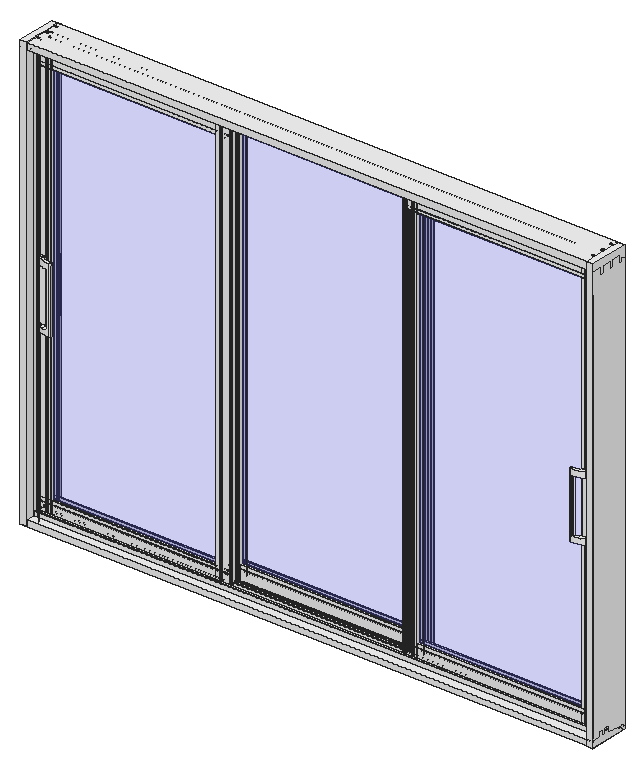
Revit family "Patio-Door_R-550-2-0_3-Light_XOX_7in_Novatech", category Doors, host Wall, Revit 2026 (continued)
Definition of nested family "NOVATECH_R-550 (2.0)_3 LIGHT_XOX_7in_SASH_O_MID"
  Definition of nested family "NOVATECH_650_2 LIGHT_SASH_O_RIGHT"
    Automatic sketch dimensions
      Extrusion 1 sketch curve to Extrusion 1 sketch curve = 0.06693"  (x2)
      Extrusion 1 sketch curve to Extrusion 1 sketch curve = 0.00984"  (x5)
      Extrusion 1 sketch curve to Extrusion 1 sketch curve = 0.02556"
      plane 5 to Extrusion 1 sketch curve = 0.36644"  (x2)
      Extrusion 1 sketch curve to Extrusion 1 sketch curve = 0.02542"
      plane 5 to Extrusion 1 sketch curve = 0.33494"
      Extrusion 1 sketch curve to Extrusion 1 sketch curve = 0.02378"
      Extrusion 1 sketch curve to plane 5 = 0.22552"
      Extrusion 1 sketch curve to Extrusion 1 sketch curve = 0.02953"
      plane 5 to Extrusion 1 sketch curve = 0.32313"
      Extrusion 1 sketch curve to Extrusion 1 sketch curve = 0.00017"
      Extrusion 1 sketch curve to Extrusion 1 sketch curve = 0.0007"
      Extrusion 1 sketch curve to plane 1 "Center (Front/Back)" = 0.09049"  (x2)
      Extrusion 1 sketch curve to Extrusion 1 sketch curve = 0.0358"  (x2)
      Extrusion 1 sketch curve to Extrusion 1 sketch curve = 0.00745"
      Extrusion 1 sketch curve to Extrusion 1 sketch curve = 0.0097"
      Extrusion 1 sketch curve to Extrusion 1 sketch curve = 0.01763"
      Extrusion 1 sketch curve to Extrusion 1 sketch curve = 0.02165"  (x2)
      Extrusion 1 sketch curve to Extrusion 1 sketch curve = 0.01387"
      Extrusion 1 sketch curve to Extrusion 1 sketch curve = 5/128"  (x2)
      Extrusion 1 sketch curve to Extrusion 1 sketch curve = 0.12355"
      Extrusion 1 sketch curve to Extrusion 1 sketch curve = 0.00281"
      Extrusion 1 sketch curve to Extrusion 1 sketch curve = 0.03244"
      Extrusion 1 sketch curve to Extrusion 1 sketch curve = 0.04101"
      Extrusion 1 sketch curve to Extrusion 1 sketch curve = 0.00774"
      Extrusion 1 sketch curve to Extrusion 1 sketch curve = 0.00904"
      Extrusion 1 sketch curve to Extrusion 1 sketch curve = 0.02064"
      Extrusion 1 sketch curve to Extrusion 1 sketch curve = 0.01086"
      Extrusion 1 sketch curve to Extrusion 1 sketch curve = 0.32283"
      Extrusion 1 sketch curve to Extrusion 1 sketch curve = 0.00437"
      Extrusion 1 sketch curve to Extrusion 1 sketch curve = 0.01181"
      Extrusion 1 sketch curve to Extrusion 1 sketch curve = 0.02015"
      Extrusion 1 sketch curve to Extrusion 1 sketch curve = 0.0276"
      Extrusion 1 sketch curve to Extrusion 1 sketch curve = 0.01177"
      Extrusion 1 sketch curve to Extrusion 1 sketch curve = 0.33821"
      Extrusion 1 sketch curve to Extrusion 1 sketch curve = 0.08207"
      Extrusion 1 sketch curve to Extrusion 1 sketch curve = 0.00804"
      Extrusion 1 sketch curve to Extrusion 1 sketch curve = 0.01869"
      Extrusion 1 sketch curve to Extrusion 1 sketch curve = 0.08225"
      Extrusion 1 sketch curve to Extrusion 1 sketch curve = 0.03799"
      Extrusion 1 sketch curve to Extrusion 1 sketch curve = 0.01793"
      Extrusion 1 sketch curve to Extrusion 1 sketch curve = 0.03959"
      Extrusion 1 sketch curve to Extrusion 1 sketch curve = 0.07552"
      Extrusion 1 sketch curve to Extrusion 1 sketch curve = 0.02006"
      Extrusion 1 sketch curve to Extrusion 1 sketch curve = 0.01855"
      Extrusion 1 sketch curve to Extrusion 1 sketch curve = 0.00214"
      Extrusion 1 sketch curve to Extrusion 1 sketch curve = 0.00957"
      Extrusion 1 sketch curve to Extrusion 1 sketch curve = 0.00014"
      Extrusion 1 sketch curve to plane 5 = 0.65819"
      Extrusion 1 sketch curve to Extrusion 1 sketch curve = 0.05162"
      Extrusion 1 sketch curve to Extrusion 1 sketch curve = 0.1252"
      Extrusion 1 sketch curve to Extrusion 1 sketch curve = 0.50066"
      Extrusion 1 sketch curve to Extrusion 1 sketch curve = 0.52292"
      Extrusion 1 sketch curve to Extrusion 1 sketch curve = 0.02226"
      Extrusion 1 sketch curve to Extrusion 1 sketch curve = 0.04131"
Types (3): name | Width Sash X | Width Sash O | Model_Sash to Reference Line | Rough Width | Rough Height | Height Sash X | Height Sash O | Height | Width
  105"W X 79 1/2"H | 35 101/128" | 35 101/128" | 34.23698" | 105 1/2" | 80" | 75 59/64" | 75 59/64" | 79 1/2" | 105"
  103 7/16"W X 81"H | 35.26823" | 35.26823" | 33.71615" | 103 15/16" | 81 1/2" | 77 27/64" | 77 27/64" | 81" | 103 7/16"
  139 3/8"W X 81"H | 47.2474" | 47.2474" | 45 89/128" | 139 7/8" | 81 1/2" | 77 27/64" | 77 27/64" | 81" | 139 3/8"
